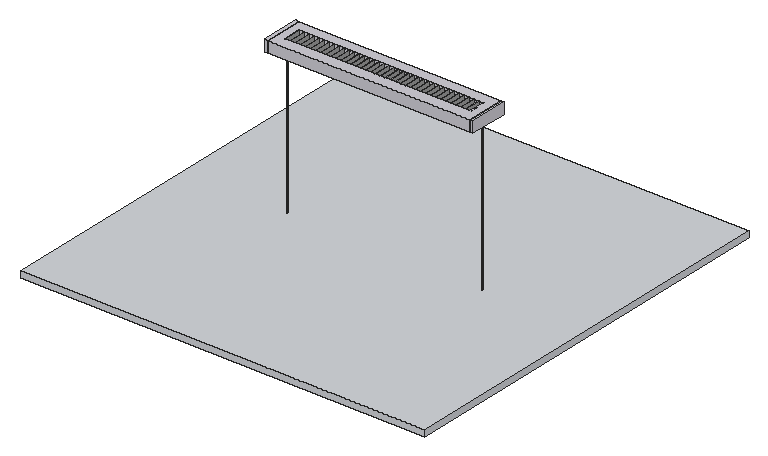
Revit family
Parameters
  Wiring = "Load Type Catalog"
  Width = 0' - 9.14"
  Wattage = 9.2903 W
  built-in parameter 1150110 = 1 (stored number, unit not read)
  Voltage = 0 V
  Upper Optics = "Load Type Catalog"
  URL = "http://www.ledalite.com"
  built-in parameter 1114217 = 1 (stored number, unit not read)
  Tilt Angle = -90.00°
  built-in parameter 1150109 = 1 (stored number, unit not read)
  built-in parameter 1150134 = 3
  Suspension Length = 2' - 11.74403"
  built-in parameter 1150113 = 1 (stored number, unit not read)
  Right End Cap [instance] = yes
  Right Cable [instance] = yes
  Product Page URL = "Load Type Catalog"
  Product Documentation Link = "Load Type Catalog"
  Power Factor = 1
  Photometric Web File = "7216T02WN.ies"
  Number of Poles = 1
  Module Length = ""
  Model Number = ""
  Manufacturer = "Philips Ledalite"
  built-in parameter 1150105 = 109.82 (stored number, unit not read)
  Lumens = 1380 lm
  built-in parameter 1150115 = 1 (stored number, unit not read)
  Lower Optics = "Load Type Catalog"
  built-in parameter 1150137 = (empty or 0)
  built-in parameter 1150139 = (empty or 0)
  Length = 4' - 0"
  Left End Cap [instance] = yes
  Left Cable [instance] = yes
  Lamping = ""
  built-in parameter 1150112 = 1 (stored number, unit not read)
  built-in parameter 1150114 = 1 (stored number, unit not read)
  built-in parameter 1150132 = (empty or 0)
  built-in parameter 1150102 = (empty or 0)
  built-in parameter 1150107 = 3200 (stored number, unit not read)
  built-in parameter 1150138 = (empty or 0)
  built-in parameter 1150106 = 1.0982 (stored number, unit not read)
  IES File Link = ""
  Height = 0' - 2 5/8"
  End Cap = 0' - 0 3/4"
  Emit from Line Length = 2' - 0"
  built-in parameter 1150104 = 13.8 (stored number, unit not read)
  Dimming Lamp Color Temperature Shift = (empty or 0)
  Description = "Suspended Linear "
  Default Elevation = 4' - 0"
  Color and Finish = "Load Type Catalog"
  Color Filter = 16777215
  built-in parameter 1114218 = 1 (stored number, unit not read)
  built-in parameter 1150133 = 10 (stored number, unit not read)
  Apparent Load = 0 VA
Reference planes (in)
  plane 1 "Center (Front/Back)": y = 0
  plane 2: z = 0
  plane 3 "Center (Left/Right)": x = 0
  plane 4: x = 24
  plane 5: x = -24
  plane 6: x = -35.2453
  plane 7: y = 0
Forms (in)
  Extrusion 1, solid
    sketch origin (0, 0, 0) x (1, 0, 0) y (0, 1, 0)
      loop
        line (-48, 48) -> (-48, -48) -> (48, -48) -> (48, 48) -> (-48, 48)
    from 0 to -1.47305
  Extrusion 2, solid, material "Aluminum - Ledalite - Standard White"
    sketch origin (0, 0, 0) x (1, 0, 0) y (0, 1, 0)
      loop
        line (-24, 4.57) -> (-24, -4.57) -> (24, -4.57) -> (24, 4.57) -> (-24, 4.57)
    from 35.74403 to 38.36903
  Extrusion 3, solid, material "Aluminum - Ledalite - Standard White", visible <- "Right End Cap"
    sketch origin (2, 0, 0) x (1, 0, 0) y (0, 1, 0)
      loop
        line (22, 4.57) -> (22, -4.57) -> (22.75, -4.57) -> (22.75, 4.57) -> (22, 4.57)
    from 35.74403 to 38.36903
  Extrusion 4, solid, material "Metal - Ledalite - Aircraft Cable", visible <- "Right Cable"
    sketch origin (-12, 0, 0) x (1, 0, 0) y (0, 1, 0)
      loop
        circle (35.2453, 0) r 0.0625
    from 0 to 35.74403
  Extrusion 5, solid, material "Metal - Ledalite - Aircraft Cable", visible <- "Left Cable"
    sketch origin (0, 0, 0) x (1, 0, 0) y (0, 1, 0)
      loop
        circle (-23, 0) r 0.0625
    from 0 to 35.74403
  Extrusion 6, solid, material "Aluminum - Ledalite - Standard White", visible <- "Left End Cap"
    sketch origin (0, 0, 0) x (1, 0, 0) y (0, 1, 0)
      loop
        line (-24.75, 4.57) -> (-24.75, -4.57) -> (-24, -4.57) -> (-24, 4.57) -> (-24.75, 4.57)
    from 35.74403 to 38.36903
  Extrusion 7, void
    sketch origin (0, 0, 0) x (1, 0, 0) y (0, 1, 0)
      loop
        line (-22, 2.07) -> (-22, -2.07) -> (22, -2.07) -> (22, 2.07) -> (-22, 2.07)
    from 35.74403 to 38.36903
Cuts and joins
  Extrusion 7 cuts Extrusion 2
Dimensions and locks (in)
  equal spacing: Extrusion 2 sketch curve, plane 1 "Center (Front/Back)", Extrusion 2 sketch curve
  equal spacing: Extrusion 2 sketch curve, plane 3 "Center (Left/Right)", Extrusion 2 sketch curve
  "Width": Extrusion 2 sketch curve to Extrusion 2 sketch curve
  "Height": Extrusion 2 to Extrusion 2
  "Suspension Length": Extrusion 1 to Extrusion 3
  equal spacing: plane 5, plane 3 "Center (Left/Right)", plane 4
  "Length": plane 5 to plane 4
  "End Cap": Extrusion 3 to Extrusion 3
  "End Cap": Extrusion 6 to Extrusion 2
  locked: Extrusion 2 to Extrusion 7 sketch curve at 2.5  (x2)
  locked: Extrusion 7 sketch curve to Extrusion 3 at 2
  locked: Extrusion 6 to Extrusion 7 sketch curve at 2
  aligned and locked: plane 2 to Extrusion 1
  aligned and locked: level to Extrusion 1
  aligned and locked: Extrusion 3 to Extrusion 2  (x3)
  aligned and locked: Extrusion 5 to Extrusion 3
  aligned and locked: Extrusion 4 to Extrusion 3
  aligned: plane 4 to Extrusion 2  (x2)
  aligned and locked: plane 4 to Extrusion 2
  aligned and locked: plane 5 to Extrusion 2
  aligned and locked: Extrusion 6 sketch curve to Extrusion 2  (x3)
  aligned and locked: Extrusion 6 to Extrusion 2  (x2)
  aligned and locked: Extrusion 2 to Extrusion 7  (x2)
  aligned and locked: nested 1 to cut or joined group of Extrusion 2, Extrusion 7  (x2)
  aligned and locked: Extrusion 6 to nested 1
  aligned and locked: imposter light to Extrusion 6
Automatic sketch dimensions
  Extrusion 1 sketch curve to Extrusion 1 sketch curve = 8' - 0"  (x2)
  plane 1 "Center (Front/Back)" to Extrusion 4 sketch curve = 0' - 0"
  plane 1 "Center (Front/Back)" to Extrusion 5 sketch curve = 0' - 0"
  plane 4 to Extrusion 3 sketch curve = 0' - 0"
  plane 1 "Center (Front/Back)" to Extrusion 3 sketch curve = 0' - 4.57"
  Extrusion 3 sketch curve to plane 1 "Center (Front/Back)" = 0' - 4.57"
  Extrusion 3 sketch curve to Extrusion 3 sketch curve = 0' - 0 3/4"
  Extrusion 2 sketch curve to plane 5 = 0' - 0"
  plane 5 to Extrusion 5 sketch curve = 0' - 1"
  Extrusion 6 sketch curve to plane 5 = 0' - 0 3/4"
  Extrusion 4 sketch curve to plane 4 = 0' - 0.7547"
  radius of Extrusion 4 sketch curve = 0' - 0 1/16"
  radius of Extrusion 5 sketch curve = 0' - 0 1/16"
Nested families (in)
  nested 1: "Louver" at (-22, 0.01275, 35.60657), type "Louver"
    with Number of Louvers 38, built-in parameter 1001306 3.6667 (stored number, unit not read)
Connectors (in)
  electrical at (24, 0, 37.05653), driven by "Number of Poles", driven by "Voltage", driven by "Apparent Load", driven by "Power Factor"
    settings: on cut or joined group of Extrusion 2, Extrusion 7, index 1, voltage 0 V, apparent load 0 VA, apparent load phase1 0 VA, apparent load phase2 0 VA, apparent load phase3 0 VA, power factor 1, load classification "Other", number of poles 1, system type 31, power factor state 1, is connector primary yes, connector utility yes, sub classification motor no, connector description "Power"
Definition of nested family "Louver"
  Parameters (values of type "Louver")
    Number of Louvers [instance] = ([built-in parameter 1001306]) / 0' 1 19/128"  # 42
    built-in parameter 1001306 [instance] = 4' - 0"
    Assembly Code = ""
  Reference planes (in)
    plane 1 "Center (Front/Back)": y = 0
    plane 2: z = 0.37277
    plane 3 "Left": x = 0
    plane 4 "Right": x = 48
  Forms (in)
    Extrusion 1, solid, material "Metal - Finelite - Parabolic Louver"
      sketch origin (0.06589, 0, 0.6165) x (1, 0, 0) y (0, 1, 0)
        loop
          line (-0.06589, 2) -> (-0.06589, -2) -> (0.06589, -2) -> (0.06589, 2) -> (-0.06589, 2)
      from -0.47905 to 1.99777
    Extrusion 2, solid, material "Metal - Finelite - Parabolic Louver"
      sketch origin (47.93411, 0, 0.375) x (1, 0, 0) y (0, 1, 0)
        loop
          line (-0.06589, 2) -> (-0.06589, -2) -> (0.06589, -2) -> (0.06589, 2) -> (-0.06589, 2)
      from -0.47905 to 1.99777
    Extrusion 3, solid, material "Metal - Finelite - Parabolic Louver"
      sketch origin (1.23341, 0, 0.61061) x (1, 0, 0) y (0, 1, 0)
        loop
          line (-0.06589, 2) -> (-0.06589, -2) -> (0.06589, -2) -> (0.06589, 2) -> (-0.06589, 2)
      from -0.47905 to 1.99777
    Extrusion 4, solid, material "Metal - Finelite - Parabolic Louver"
      sketch origin (2.40093, 0, 0.60472) x (1, 0, 0) y (0, 1, 0)
        loop
          line (-0.06589, 2) -> (-0.06589, -2) -> (0.06589, -2) -> (0.06589, 2) -> (-0.06589, 2)
      from -0.47905 to 1.99777
    Extrusion 5, solid, material "Metal - Finelite - Parabolic Louver"
      sketch origin (3.56844, 0, 0.59883) x (1, 0, 0) y (0, 1, 0)
        loop
          line (-0.06589, 2) -> (-0.06589, -2) -> (0.06589, -2) -> (0.06589, 2) -> (-0.06589, 2)
      from -0.47905 to 1.99777
    Extrusion 6, solid, material "Metal - Finelite - Parabolic Louver"
      sketch origin (4.73596, 0, 0.59294) x (1, 0, 0) y (0, 1, 0)
        loop
          line (-0.06589, 2) -> (-0.06589, -2) -> (0.06589, -2) -> (0.06589, 2) -> (-0.06589, 2)
      from -0.47905 to 1.99777
    Extrusion 7, solid, material "Metal - Finelite - Parabolic Louver"
      sketch origin (5.90348, 0, 0.58705) x (1, 0, 0) y (0, 1, 0)
        loop
          line (-0.06589, 2) -> (-0.06589, -2) -> (0.06589, -2) -> (0.06589, 2) -> (-0.06589, 2)
      from -0.47905 to 1.99777
    Extrusion 8, solid, material "Metal - Finelite - Parabolic Louver"
      sketch origin (7.071, 0, 0.58116) x (1, 0, 0) y (0, 1, 0)
        loop
          line (-0.06589, 2) -> (-0.06589, -2) -> (0.06589, -2) -> (0.06589, 2) -> (-0.06589, 2)
      from -0.47905 to 1.99777
    Extrusion 9, solid, material "Metal - Finelite - Parabolic Louver"
      sketch origin (8.23851, 0, 0.57527) x (1, 0, 0) y (0, 1, 0)
        loop
          line (-0.06589, 2) -> (-0.06589, -2) -> (0.06589, -2) -> (0.06589, 2) -> (-0.06589, 2)
      from -0.47905 to 1.99777
    Extrusion 10, solid, material "Metal - Finelite - Parabolic Louver"
      sketch origin (9.40603, 0, 0.56938) x (1, 0, 0) y (0, 1, 0)
        loop
          line (-0.06589, 2) -> (-0.06589, -2) -> (0.06589, -2) -> (0.06589, 2) -> (-0.06589, 2)
      from -0.47905 to 1.99777
    Extrusion 11, solid, material "Metal - Finelite - Parabolic Louver"
      sketch origin (10.57355, 0, 0.56349) x (1, 0, 0) y (0, 1, 0)
        loop
          line (-0.06589, 2) -> (-0.06589, -2) -> (0.06589, -2) -> (0.06589, 2) -> (-0.06589, 2)
      from -0.47905 to 1.99777
    Extrusion 12, solid, material "Metal - Finelite - Parabolic Louver"
      sketch origin (11.74107, 0, 0.5576) x (1, 0, 0) y (0, 1, 0)
        loop
          line (-0.06589, 2) -> (-0.06589, -2) -> (0.06589, -2) -> (0.06589, 2) -> (-0.06589, 2)
      from -0.47905 to 1.99777
    Extrusion 13, solid, material "Metal - Finelite - Parabolic Louver"
      sketch origin (12.90858, 0, 0.55171) x (1, 0, 0) y (0, 1, 0)
        loop
          line (-0.06589, 2) -> (-0.06589, -2) -> (0.06589, -2) -> (0.06589, 2) -> (-0.06589, 2)
      from -0.47905 to 1.99777
    Extrusion 14, solid, material "Metal - Finelite - Parabolic Louver"
      sketch origin (14.0761, 0, 0.54582) x (1, 0, 0) y (0, 1, 0)
        loop
          line (-0.06589, 2) -> (-0.06589, -2) -> (0.06589, -2) -> (0.06589, 2) -> (-0.06589, 2)
      from -0.47905 to 1.99777
    Extrusion 15, solid, material "Metal - Finelite - Parabolic Louver"
      sketch origin (15.24362, 0, 0.53993) x (1, 0, 0) y (0, 1, 0)
        loop
          line (-0.06589, 2) -> (-0.06589, -2) -> (0.06589, -2) -> (0.06589, 2) -> (-0.06589, 2)
      from -0.47905 to 1.99777
    Extrusion 16, solid, material "Metal - Finelite - Parabolic Louver"
      sketch origin (16.41114, 0, 0.53404) x (1, 0, 0) y (0, 1, 0)
        loop
          line (-0.06589, 2) -> (-0.06589, -2) -> (0.06589, -2) -> (0.06589, 2) -> (-0.06589, 2)
      from -0.47905 to 1.99777
    Extrusion 17, solid, material "Metal - Finelite - Parabolic Louver"
      sketch origin (17.57865, 0, 0.52815) x (1, 0, 0) y (0, 1, 0)
        loop
          line (-0.06589, 2) -> (-0.06589, -2) -> (0.06589, -2) -> (0.06589, 2) -> (-0.06589, 2)
      from -0.47905 to 1.99777
    Extrusion 18, solid, material "Metal - Finelite - Parabolic Louver"
      sketch origin (18.74617, 0, 0.52226) x (1, 0, 0) y (0, 1, 0)
        loop
          line (-0.06589, 2) -> (-0.06589, -2) -> (0.06589, -2) -> (0.06589, 2) -> (-0.06589, 2)
      from -0.47905 to 1.99777
    Extrusion 19, solid, material "Metal - Finelite - Parabolic Louver"
      sketch origin (19.91369, 0, 0.51637) x (1, 0, 0) y (0, 1, 0)
        loop
          line (-0.06589, 2) -> (-0.06589, -2) -> (0.06589, -2) -> (0.06589, 2) -> (-0.06589, 2)
      from -0.47905 to 1.99777
    Extrusion 20, solid, material "Metal - Finelite - Parabolic Louver"
      sketch origin (21.08121, 0, 0.51048) x (1, 0, 0) y (0, 1, 0)
        loop
          line (-0.06589, 2) -> (-0.06589, -2) -> (0.06589, -2) -> (0.06589, 2) -> (-0.06589, 2)
      from -0.47905 to 1.99777
    Extrusion 21, solid, material "Metal - Finelite - Parabolic Louver"
      sketch origin (22.24872, 0, 0.50459) x (1, 0, 0) y (0, 1, 0)
        loop
          line (-0.06589, 2) -> (-0.06589, -2) -> (0.06589, -2) -> (0.06589, 2) -> (-0.06589, 2)
      from -0.47905 to 1.99777
    Extrusion 22, solid, material "Metal - Finelite - Parabolic Louver"
      sketch origin (23.41624, 0, 0.4987) x (1, 0, 0) y (0, 1, 0)
        loop
          line (-0.06589, 2) -> (-0.06589, -2) -> (0.06589, -2) -> (0.06589, 2) -> (-0.06589, 2)
      from -0.47905 to 1.99777
    Extrusion 23, solid, material "Metal - Finelite - Parabolic Louver"
      sketch origin (24.58376, 0, 0.49281) x (1, 0, 0) y (0, 1, 0)
        loop
          line (-0.06589, 2) -> (-0.06589, -2) -> (0.06589, -2) -> (0.06589, 2) -> (-0.06589, 2)
      from -0.47905 to 1.99777
    Extrusion 24, solid, material "Metal - Finelite - Parabolic Louver"
      sketch origin (25.75128, 0, 0.48692) x (1, 0, 0) y (0, 1, 0)
        loop
          line (-0.06589, 2) -> (-0.06589, -2) -> (0.06589, -2) -> (0.06589, 2) -> (-0.06589, 2)
      from -0.47905 to 1.99777
    Extrusion 25, solid, material "Metal - Finelite - Parabolic Louver"
      sketch origin (26.91879, 0, 0.48103) x (1, 0, 0) y (0, 1, 0)
        loop
          line (-0.06589, 2) -> (-0.06589, -2) -> (0.06589, -2) -> (0.06589, 2) -> (-0.06589, 2)
      from -0.47905 to 1.99777
    Extrusion 26, solid, material "Metal - Finelite - Parabolic Louver"
      sketch origin (28.08631, 0, 0.47514) x (1, 0, 0) y (0, 1, 0)
        loop
          line (-0.06589, 2) -> (-0.06589, -2) -> (0.06589, -2) -> (0.06589, 2) -> (-0.06589, 2)
      from -0.47905 to 1.99777
    Extrusion 27, solid, material "Metal - Finelite - Parabolic Louver"
      sketch origin (29.25383, 0, 0.46925) x (1, 0, 0) y (0, 1, 0)
        loop
          line (-0.06589, 2) -> (-0.06589, -2) -> (0.06589, -2) -> (0.06589, 2) -> (-0.06589, 2)
      from -0.47905 to 1.99777
    Extrusion 28, solid, material "Metal - Finelite - Parabolic Louver"
      sketch origin (30.42135, 0, 0.46336) x (1, 0, 0) y (0, 1, 0)
        loop
          line (-0.06589, 2) -> (-0.06589, -2) -> (0.06589, -2) -> (0.06589, 2) -> (-0.06589, 2)
      from -0.47905 to 1.99777
    Extrusion 29, solid, material "Metal - Finelite - Parabolic Louver"
      sketch origin (31.58886, 0, 0.45746) x (1, 0, 0) y (0, 1, 0)
        loop
          line (-0.06589, 2) -> (-0.06589, -2) -> (0.06589, -2) -> (0.06589, 2) -> (-0.06589, 2)
      from -0.47905 to 1.99777
    Extrusion 30, solid, material "Metal - Finelite - Parabolic Louver"
      sketch origin (32.75638, 0, 0.45157) x (1, 0, 0) y (0, 1, 0)
        loop
          line (-0.06589, 2) -> (-0.06589, -2) -> (0.06589, -2) -> (0.06589, 2) -> (-0.06589, 2)
      from -0.47905 to 1.99777
    Extrusion 31, solid, material "Metal - Finelite - Parabolic Louver"
      sketch origin (33.9239, 0, 0.44568) x (1, 0, 0) y (0, 1, 0)
        loop
          line (-0.06589, 2) -> (-0.06589, -2) -> (0.06589, -2) -> (0.06589, 2) -> (-0.06589, 2)
      from -0.47905 to 1.99777
    Extrusion 32, solid, material "Metal - Finelite - Parabolic Louver"
      sketch origin (35.09142, 0, 0.43979) x (1, 0, 0) y (0, 1, 0)
        loop
          line (-0.06589, 2) -> (-0.06589, -2) -> (0.06589, -2) -> (0.06589, 2) -> (-0.06589, 2)
      from -0.47905 to 1.99777
    Extrusion 33, solid, material "Metal - Finelite - Parabolic Louver"
      sketch origin (36.25893, 0, 0.4339) x (1, 0, 0) y (0, 1, 0)
        loop
          line (-0.06589, 2) -> (-0.06589, -2) -> (0.06589, -2) -> (0.06589, 2) -> (-0.06589, 2)
      from -0.47905 to 1.99777
    Extrusion 34, solid, material "Metal - Finelite - Parabolic Louver"
      sketch origin (37.42645, 0, 0.42801) x (1, 0, 0) y (0, 1, 0)
        loop
          line (-0.06589, 2) -> (-0.06589, -2) -> (0.06589, -2) -> (0.06589, 2) -> (-0.06589, 2)
      from -0.47905 to 1.99777
    Extrusion 35, solid, material "Metal - Finelite - Parabolic Louver"
      sketch origin (38.59397, 0, 0.42212) x (1, 0, 0) y (0, 1, 0)
        loop
          line (-0.06589, 2) -> (-0.06589, -2) -> (0.06589, -2) -> (0.06589, 2) -> (-0.06589, 2)
      from -0.47905 to 1.99777
    Extrusion 36, solid, material "Metal - Finelite - Parabolic Louver"
      sketch origin (39.76149, 0, 0.41623) x (1, 0, 0) y (0, 1, 0)
        loop
          line (-0.06589, 2) -> (-0.06589, -2) -> (0.06589, -2) -> (0.06589, 2) -> (-0.06589, 2)
      from -0.47905 to 1.99777
    Extrusion 37, solid, material "Metal - Finelite - Parabolic Louver"
      sketch origin (40.929, 0, 0.41034) x (1, 0, 0) y (0, 1, 0)
        loop
          line (-0.06589, 2) -> (-0.06589, -2) -> (0.06589, -2) -> (0.06589, 2) -> (-0.06589, 2)
      from -0.47905 to 1.99777
    Extrusion 38, solid, material "Metal - Finelite - Parabolic Louver"
      sketch origin (42.09652, 0, 0.40445) x (1, 0, 0) y (0, 1, 0)
        loop
          line (-0.06589, 2) -> (-0.06589, -2) -> (0.06589, -2) -> (0.06589, 2) -> (-0.06589, 2)
      from -0.47905 to 1.99777
    Extrusion 39, solid, material "Metal - Finelite - Parabolic Louver"
      sketch origin (43.26404, 0, 0.39856) x (1, 0, 0) y (0, 1, 0)
        loop
          line (-0.06589, 2) -> (-0.06589, -2) -> (0.06589, -2) -> (0.06589, 2) -> (-0.06589, 2)
      from -0.47905 to 1.99777
    Extrusion 40, solid, material "Metal - Finelite - Parabolic Louver"
      sketch origin (44.43156, 0, 0.39267) x (1, 0, 0) y (0, 1, 0)
        loop
          line (-0.06589, 2) -> (-0.06589, -2) -> (0.06589, -2) -> (0.06589, 2) -> (-0.06589, 2)
      from -0.47905 to 1.99777
    Extrusion 41, solid, material "Metal - Finelite - Parabolic Louver"
      sketch origin (45.59907, 0, 0.38678) x (1, 0, 0) y (0, 1, 0)
        loop
          line (-0.06589, 2) -> (-0.06589, -2) -> (0.06589, -2) -> (0.06589, 2) -> (-0.06589, 2)
      from -0.47905 to 1.99777
    Extrusion 42, solid, material "Metal - Finelite - Parabolic Louver"
      sketch origin (46.76659, 0, 0.38089) x (1, 0, 0) y (0, 1, 0)
        loop
          line (-0.06589, 2) -> (-0.06589, -2) -> (0.06589, -2) -> (0.06589, 2) -> (-0.06589, 2)
      from -0.47905 to 1.99777
  Lines and regions (in)
    reference lines
      curve 1: line (0, 0, 0) -> (48, 0, 0)
  Dimensions and locks (in)
    "built-in parameter 1001306": plane 3 "Left" to plane 4 "Right"
    locked: Extrusion 1 to plane 2 at 2.2415
    Extrusion 1 to Extrusion 1 = 0' - 4"
    equal spacing: group 1, group 3, group 4, group 5, group 6, group 7, group 8, group 9, group 10, group 11, group 12, group 13, group 14, group 15, group 16, group 17, group 18, group 19, group 20, group 21, group 22, group 23, group 24, group 25, group 26, group 27, group 28, group 29, group 30, group 31, group 32, group 33, group 34, group 35, group 36, group 37, group 38, group 39, group 40, group 41, group 42, group 2  (x2)
    equal spacing: group 2, group 42, group 41, group 40, group 39, group 38, group 37, group 36, group 35, group 34, group 33, group 32, group 31, group 30, group 29, group 28, group 27, group 26, group 25, group 24, group 23, group 22, group 21, group 20, group 19, group 18, group 17, group 16, group 15, group 14, group 13, group 12, group 11, group 10, group 9, group 8, group 7, group 6, group 5, group 4, group 3, group 1
    aligned and locked: plane 4 "Right" to curve 1
    aligned and locked: plane 1 "Center (Front/Back)" to curve 1
    aligned and locked: plane 3 "Left" to curve 1
    aligned and locked: Extrusion 1 to plane 3 "Left"
    aligned and locked: plane 4 "Right" to Extrusion 2
    aligned: Extrusion 3 to plane 2
  Automatic sketch dimensions
    Extrusion 1 sketch curve to Extrusion 1 sketch curve = 0' - 0.13179"
    Extrusion 1 sketch curve to Extrusion 1 sketch curve = 0' - 4"
    Extrusion 2 sketch curve to Extrusion 2 sketch curve = 0' - 0.13179"
    Extrusion 2 sketch curve to Extrusion 2 sketch curve = 0' - 4"
    Extrusion 3 sketch curve to Extrusion 3 sketch curve = 0' - 0.13179"
    Extrusion 3 sketch curve to Extrusion 3 sketch curve = 0' - 4"
    Extrusion 4 sketch curve to Extrusion 4 sketch curve = 0' - 0.13179"
    Extrusion 4 sketch curve to Extrusion 4 sketch curve = 0' - 4"
    Extrusion 5 sketch curve to Extrusion 5 sketch curve = 0' - 0.13179"
    Extrusion 5 sketch curve to Extrusion 5 sketch curve = 0' - 4"
    Extrusion 6 sketch curve to Extrusion 6 sketch curve = 0' - 0.13179"
    Extrusion 6 sketch curve to Extrusion 6 sketch curve = 0' - 4"
    Extrusion 7 sketch curve to Extrusion 7 sketch curve = 0' - 0.13179"
    Extrusion 7 sketch curve to Extrusion 7 sketch curve = 0' - 4"
    Extrusion 8 sketch curve to Extrusion 8 sketch curve = 0' - 0.13179"
    Extrusion 8 sketch curve to Extrusion 8 sketch curve = 0' - 4"
    Extrusion 9 sketch curve to Extrusion 9 sketch curve = 0' - 0.13179"
    Extrusion 9 sketch curve to Extrusion 9 sketch curve = 0' - 4"
    Extrusion 10 sketch curve to Extrusion 10 sketch curve = 0' - 0.13179"
    Extrusion 10 sketch curve to Extrusion 10 sketch curve = 0' - 4"
    Extrusion 11 sketch curve to Extrusion 11 sketch curve = 0' - 0.13179"
    Extrusion 11 sketch curve to Extrusion 11 sketch curve = 0' - 4"
    Extrusion 12 sketch curve to Extrusion 12 sketch curve = 0' - 0.13179"
    Extrusion 12 sketch curve to Extrusion 12 sketch curve = 0' - 4"
    Extrusion 13 sketch curve to Extrusion 13 sketch curve = 0' - 0.13179"
    Extrusion 13 sketch curve to Extrusion 13 sketch curve = 0' - 4"
    Extrusion 14 sketch curve to Extrusion 14 sketch curve = 0' - 0.13179"
    Extrusion 14 sketch curve to Extrusion 14 sketch curve = 0' - 4"
    Extrusion 15 sketch curve to Extrusion 15 sketch curve = 0' - 0.13179"
    Extrusion 15 sketch curve to Extrusion 15 sketch curve = 0' - 4"
    Extrusion 16 sketch curve to Extrusion 16 sketch curve = 0' - 0.13179"
    Extrusion 16 sketch curve to Extrusion 16 sketch curve = 0' - 4"
    Extrusion 17 sketch curve to Extrusion 17 sketch curve = 0' - 0.13179"
    Extrusion 17 sketch curve to Extrusion 17 sketch curve = 0' - 4"
    Extrusion 18 sketch curve to Extrusion 18 sketch curve = 0' - 0.13179"
    Extrusion 18 sketch curve to Extrusion 18 sketch curve = 0' - 4"
    Extrusion 19 sketch curve to Extrusion 19 sketch curve = 0' - 0.13179"
    Extrusion 19 sketch curve to Extrusion 19 sketch curve = 0' - 4"
    Extrusion 20 sketch curve to Extrusion 20 sketch curve = 0' - 0.13179"
    Extrusion 20 sketch curve to Extrusion 20 sketch curve = 0' - 4"
    Extrusion 21 sketch curve to Extrusion 21 sketch curve = 0' - 0.13179"
    Extrusion 21 sketch curve to Extrusion 21 sketch curve = 0' - 4"
    Extrusion 22 sketch curve to Extrusion 22 sketch curve = 0' - 0.13179"
    Extrusion 22 sketch curve to Extrusion 22 sketch curve = 0' - 4"
    Extrusion 23 sketch curve to Extrusion 23 sketch curve = 0' - 0.13179"
    Extrusion 23 sketch curve to Extrusion 23 sketch curve = 0' - 4"
    Extrusion 24 sketch curve to Extrusion 24 sketch curve = 0' - 0.13179"
    Extrusion 24 sketch curve to Extrusion 24 sketch curve = 0' - 4"
    Extrusion 25 sketch curve to Extrusion 25 sketch curve = 0' - 0.13179"
    Extrusion 25 sketch curve to Extrusion 25 sketch curve = 0' - 4"
    Extrusion 26 sketch curve to Extrusion 26 sketch curve = 0' - 0.13179"
    Extrusion 26 sketch curve to Extrusion 26 sketch curve = 0' - 4"
    Extrusion 27 sketch curve to Extrusion 27 sketch curve = 0' - 0.13179"
    Extrusion 27 sketch curve to Extrusion 27 sketch curve = 0' - 4"
    Extrusion 28 sketch curve to Extrusion 28 sketch curve = 0' - 0.13179"
    Extrusion 28 sketch curve to Extrusion 28 sketch curve = 0' - 4"
    Extrusion 29 sketch curve to Extrusion 29 sketch curve = 0' - 0.13179"
    Extrusion 29 sketch curve to Extrusion 29 sketch curve = 0' - 4"
    Extrusion 30 sketch curve to Extrusion 30 sketch curve = 0' - 0.13179"
    Extrusion 30 sketch curve to Extrusion 30 sketch curve = 0' - 4"
    Extrusion 31 sketch curve to Extrusion 31 sketch curve = 0' - 0.13179"
    Extrusion 31 sketch curve to Extrusion 31 sketch curve = 0' - 4"
    Extrusion 32 sketch curve to Extrusion 32 sketch curve = 0' - 0.13179"
    Extrusion 32 sketch curve to Extrusion 32 sketch curve = 0' - 4"
    Extrusion 33 sketch curve to Extrusion 33 sketch curve = 0' - 0.13179"
    Extrusion 33 sketch curve to Extrusion 33 sketch curve = 0' - 4"
    Extrusion 34 sketch curve to Extrusion 34 sketch curve = 0' - 0.13179"
    Extrusion 34 sketch curve to Extrusion 34 sketch curve = 0' - 4"
    Extrusion 35 sketch curve to Extrusion 35 sketch curve = 0' - 0.13179"
    Extrusion 35 sketch curve to Extrusion 35 sketch curve = 0' - 4"
    Extrusion 36 sketch curve to Extrusion 36 sketch curve = 0' - 0.13179"
    Extrusion 36 sketch curve to Extrusion 36 sketch curve = 0' - 4"
    Extrusion 37 sketch curve to Extrusion 37 sketch curve = 0' - 0.13179"
    Extrusion 37 sketch curve to Extrusion 37 sketch curve = 0' - 4"
    Extrusion 38 sketch curve to Extrusion 38 sketch curve = 0' - 0.13179"
    Extrusion 38 sketch curve to Extrusion 38 sketch curve = 0' - 4"
    Extrusion 39 sketch curve to Extrusion 39 sketch curve = 0' - 0.13179"
    Extrusion 39 sketch curve to Extrusion 39 sketch curve = 0' - 4"
    Extrusion 40 sketch curve to Extrusion 40 sketch curve = 0' - 0.13179"
    Extrusion 40 sketch curve to Extrusion 40 sketch curve = 0' - 4"
    Extrusion 41 sketch curve to Extrusion 41 sketch curve = 0' - 0.13179"
    Extrusion 41 sketch curve to Extrusion 41 sketch curve = 0' - 4"
    Extrusion 42 sketch curve to Extrusion 42 sketch curve = 0' - 0.13179"
    Extrusion 42 sketch curve to Extrusion 42 sketch curve = 0' - 4"
